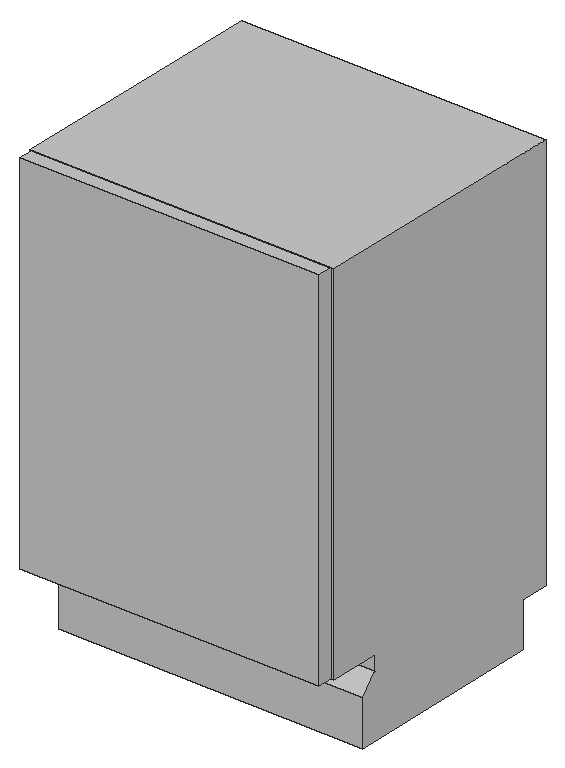
Revit family "DF480763", category Generic Models, Revit 2014
Parameters (values of type "DF480763")
  Width = 598 mm
  URL = "http://www.gaggenau.com."
  Model = "DF480763"
  Manufacturer = "Gaggenau"
  Height = 877 mm
  Handle = Metal Panel
  Fridge = Metal Panel
  Door = Metal Panel
  Description = "Gaggenau 400 series push-to-open dishwasher, Euro tub, 8 programs, 3rd rack, soft-closing, back wall lighting"
  Depth = 550 mm
Types (4, lengths in mm): name | Model | Height | Description
  DF480763 | "DF480763" | 877 | "Gaggenau 400 series push-to-open dishwasher, Euro tub, 8 programs, 3rd rack, soft-closing, back wall lighting"
  DF480763F | "DF480763F" | 877 | "Gaggenau 400 series push-to-open dishwasher, Euro tub, 8 programs, 3rd rack, soft-closing, back wall lighting, FLEXIBLE HINGE"
  DF481763 | "DF481763" | 927 | "Gaggenau 400 series push-to-open dishwasher, tall tub, 8 programs, 3rd rack, soft-closing, back wall lighting"
  DF481763F | "DF481763F" | 927 | "Gaggenau 400 series push-to-open dishwasher, tall tub, 8 programs, 3rd rack, soft-closing, back wall lighting, FLEXIBLE HINGE"
Reference planes
  plane 1 "Center (Front/Back)": y = 0
  plane 2: z = 0
  plane 3 "Center (Left/Right)": x = 0
  plane 4: x = -299
  plane 5: x = 299
  plane 6: z = 877
  plane 7: z = 152
  plane 8: z = 89
  plane 9: z = 20
  plane 10: y = 275
  plane 11: y = -275
Forms (mm)
  Extrusion 1, solid, material "Metal Panel" <- "Fridge"
    sketch origin (0, 0, 0) x (0, 1, 0) y (0, 0, 1)
      loop
        line (275, 89) -> (275, 877) -> (-246.075, 877) -> (-246.075, 152) -> (-146.075, 152) -> (-146.075, 123.472) -> (-175, 89) -> (-175, 0) -> (220, 0) -> (220, 89) -> (275, 89)
    from -299 to 299
  Extrusion 2, solid, material "Metal Panel" <- "Door"
    sketch origin (0, 0, 0) x (0, 1, 0) y (0, 0, 1)
      loop
        line (-275, 877) -> (-275, 152) -> (-246.075, 152) -> (-246.075, 877) -> (-275, 877)
    from -295.471 to 293.529
Dimensions and locks
  "Width": plane 4 to plane 5
  equal spacing: plane 4, plane 3 "Center (Left/Right)", plane 5
  "Height": plane 6 to level
  plane 7 to plane 2 = 152 mm
  plane 6 to plane 7 = 725 mm
  equal spacing: plane 10, plane 1 "Center (Front/Back)", plane 11
  "Depth": plane 10 to plane 11
  aligned and locked: level to plane 2
  aligned and locked: plane 6 to Extrusion 2
Automatic sketch dimensions
  Extrusion 1 sketch curve to plane 6 = 0 mm
  Extrusion 1 sketch curve to plane 7 = 0 mm
  Extrusion 1 sketch curve to plane 8 = 0 mm  (x2)
  Extrusion 1 sketch curve to level = 0 mm
  Extrusion 1 sketch curve to plane 10 = 0 mm
  Extrusion 1 sketch curve to plane 10 = 55 mm
  plane 11 to Extrusion 1 sketch curve = 128.925 mm
  Extrusion 1 sketch curve to Extrusion 1 sketch curve = 28.925 mm
  plane 11 to Extrusion 1 sketch curve = 28.925 mm
  Extrusion 1 sketch curve to plane 7 = 28.528 mm
  Extrusion 2 sketch curve to plane 7 = 0 mm
  Extrusion 2 sketch curve to plane 11 = 0 mm
  plane 11 to Extrusion 2 sketch curve = 28.925 mm
  Extrusion 2 sketch curve to plane 6 = 0 mm
